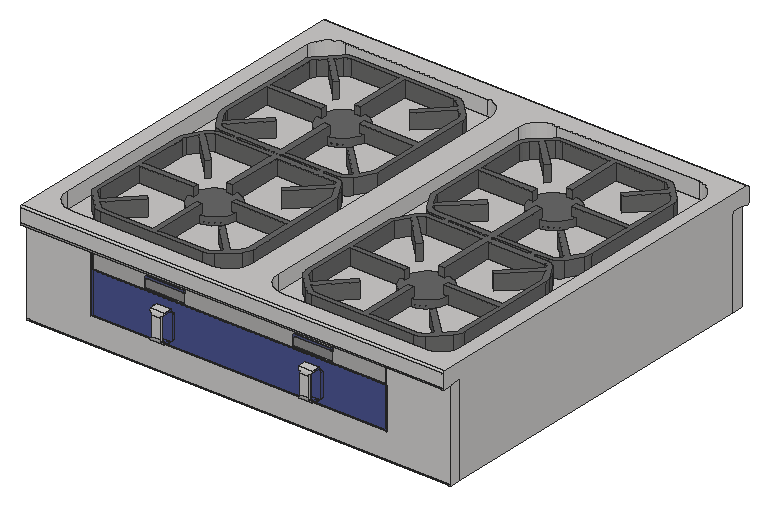
Revit family "QF_ELECTROLUXPROFESSIONAL_589073_MCGHACJOPO", category Specialty Equipment, Revit 2018
Family settings
  Round Connector Dimension = Use Diameter
  Part Type = Normal
  Work Plane-Based = No
  Always vertical = Yes
  Cut with Voids When Loaded = No
  Shared = No
  Room Calculation Point = No
Parameters
  Weight in Pounds = 180.77
  Watts = 0 W
  URL Cutsheet = ""
  Type Mark [instance] = ""
  Status [instance] = ""
  Specification by User [instance] = ""
  Specification by Manufacturer = ""
  Serial Number = ""
  Seismic Rating = ""
  SMACNA No = ""
  Revision Code [instance] = ""
  Omniclass Number and Title = ""
  NAFEM Spec ID Number = ""
  Model = "589073"
  Mechanical Remarks [instance] = ""
  Mechanical Connection Type [instance] = ""
  Masterspec = ""
  Manufacturer = "ELECTROLUX"
  Item Number [instance] = ""
  Installed By [instance] = ""
  Identify Quantity as Lot [instance] = yes
  HP = "0 HP"
  Gas Size = 1/2"
  Gas RI Height [instance] = 0 mm
  Gas KW = 40
  Gas Input = 136360.0 Btu/h
  Gas Connection Height [instance] = 0 mm
  Furnished By [instance] = ""
  Foodservice Equipment Identifier [instance] = yes
  Direct Waste Size = 0"
  Description = "GAS TOP,4 BURNERS,2-SIDES,1000X900X250H"
  CSI MasterFormat = ""
  CSI Master Format = ""
Reference planes
  plane 1 "BACK": y = 0
  plane 2: z = 0
  plane 3 "LEFT": x = 0
  plane 4 "RIGHT": x = 1000
  plane 5 "FRONT": y = -900
  plane 6 "TOP": z = 250
  plane 7: x = 500
  plane 8: y = -450
  plane 9: x = 965
  plane 10: y = -60.425
Forms (mm)
  Extrusion 1, solid, material "QF_Finishes_Stainless Steel"
    sketch origin (0, -487.128, 0) x (0, 1, 0) y (0, 0, 1)
      loop
        line (483.128, 250) -> (-408.872, 250)
        arc (-408.872, 250) -> (-411.7, 248.828) -> (-412.872, 246) r 4
        line (-412.872, 246) -> (-412.872, 214)
        arc (-412.872, 214) -> (-411.437, 210.931) -> (-408.161, 210.064) r 4
        line (-408.161, 210.064) -> (-392.872, 213) -> (-367.872, 213) -> (-367.872, 0) -> (442.128, 0) -> (442.128, 213) -> (465.765, 213) -> (482.433, 210.061)
        arc (482.433, 210.061) -> (485.699, 210.936) -> (487.128, 214) r 4
        line (487.128, 214) -> (487.128, 246)
        arc (487.128, 246) -> (485.956, 248.828) -> (483.128, 250) r 4
    from 0 to 1000
  Extrusion 2, void
    sketch origin (653.786, 44.048, 250) x (1, 0, 0) y (0, -1, 0)
      loop
        line (-570.234, 89.462) -> (-234.333, 89.462)
        arc (-234.333, 89.462) -> (-199.707, 103.805) -> (-185.364, 138.432) r 48.97
        line (-185.364, 138.432) -> (-185.364, 850.078)
        arc (-185.364, 850.078) -> (-199.707, 884.705) -> (-234.333, 899.048) r 48.97
        line (-234.333, 899.048) -> (-570.234, 899.048)
        arc (-570.234, 899.048) -> (-605.59, 884.403) -> (-620.234, 849.048) r 50
        line (-620.234, 849.048) -> (-620.234, 139.462)
        arc (-620.234, 139.462) -> (-605.59, 104.107) -> (-570.234, 89.462) r 50
      loop
        line (264.679, 899.048) -> (-71.222, 899.048)
        arc (-71.222, 899.048) -> (-106.577, 884.403) -> (-121.222, 849.048) r 50
        line (-121.222, 849.048) -> (-121.222, 139.462)
        arc (-121.222, 139.462) -> (-106.577, 104.107) -> (-71.222, 89.462) r 50
        line (-71.222, 89.462) -> (264.679, 89.462)
        arc (264.679, 89.462) -> (299.306, 103.805) -> (313.649, 138.432) r 48.97
        line (313.649, 138.432) -> (313.649, 850.078)
        arc (313.649, 850.078) -> (299.306, 884.705) -> (264.679, 899.048) r 48.97
    from 0 to 37
  Extrusion 3, solid, material "QF_Finishes_Stainless Steel"
    sketch origin (10, -759, 0) x (1, 0, 0) y (0, -1, 0)
      loop
        circle (955, -169) r 6.35
    from 0 to 3.2
Cuts and joins
  Extrusion 2 cuts Extrusion 1
Lines and regions (mm)
  symbolic lines
    curve 1: line (0, 0, 0) -> (1000, 0, 0)
    curve 2: line (0, -900, 0) -> (0, 0, 0)
    curve 3: line (1000, -900, 0) -> (0, -900, 0)
    curve 4: line (1000, 0, 0) -> (1000, -900, 0)
    curve 5: arc (83.552, -855, 0) -> (48.197, -840.355, 0) -> (33.552, -805, 0) r 50
    curve 6: line (33.552, -805, 0) -> (33.552, -95.414, 0)
    curve 7: arc (33.552, -95.414, 0) -> (48.197, -60.059, 0) -> (83.552, -45.414, 0) r 50
    curve 8: line (83.552, -45.414, 0) -> (417.592, -45.414, 0)
    curve 9: arc (918.465, -45.414, 0) -> (953.092, -59.757, 0) -> (967.435, -94.384, 0) r 48.97
    curve 10: line (967.435, -94.384, 0) -> (967.435, -806.03, 0)
    curve 11: arc (967.435, -806.03, 0) -> (953.092, -840.657, 0) -> (918.465, -855, 0) r 48.97
    curve 12: line (918.465, -855, 0) -> (582.408, -855, 0)
    curve 13: line (582.408, -45.414, 0) -> (918.465, -45.414, 0)
    curve 14: line (417.592, -855, 0) -> (83.552, -855, 0)
    curve 15: arc (582.408, -855, 0) -> (547.053, -840.355, 0) -> (532.408, -805, 0) r 50
    curve 16: line (532.408, -805, 0) -> (532.408, -95.414, 0)
    curve 17: arc (532.408, -95.414, 0) -> (547.053, -60.059, 0) -> (582.408, -45.414, 0) r 50
    curve 18: arc (417.592, -855, 0) -> (452.947, -840.355, 0) -> (467.592, -805, 0) r 50
    curve 19: line (467.592, -805, 0) -> (467.592, -95.414, 0)
    curve 20: arc (467.592, -95.414, 0) -> (452.947, -60.059, 0) -> (417.592, -45.414, 0) r 50
Dimensions and locks
  plane 3 "LEFT" to plane 4 "RIGHT" = 1000 mm
  plane 5 "FRONT" to plane 1 "BACK" = 900 mm
  equal spacing: plane 3 "LEFT", plane 7, plane 4 "RIGHT"
  equal spacing: plane 5 "FRONT", plane 8, plane 1 "BACK"
  plane 6 "TOP" to level = 250 mm  (x2)
  plane 1 "BACK" to plane 5 "FRONT" = 900 mm
  Extrusion 3 sketch curve to plane 1 "BACK" = 590 mm
  Extrusion 3 sketch curve to plane 4 "RIGHT" = 35 mm
  plane 1 "BACK" to Extrusion 3 = 590 mm
  plane 9 to plane 4 "RIGHT" = 35 mm
  aligned and locked: level to plane 2
  aligned and locked: Extrusion 1 to plane 4 "RIGHT"
Automatic sketch dimensions
  Extrusion 1 sketch curve to plane 5 "FRONT" = 0 mm
  Extrusion 1 sketch curve to plane 6 "TOP" = 0 mm
  Extrusion 1 sketch curve to level = 0 mm
  Extrusion 1 sketch curve to plane 1 "BACK" = 0 mm
  Extrusion 1 sketch curve to plane 6 "TOP" = 37 mm  (x2)
  Extrusion 1 sketch curve to plane 5 "FRONT" = 4 mm
  Extrusion 1 sketch curve to plane 5 "FRONT" = 20 mm
  Extrusion 1 sketch curve to plane 5 "FRONT" = 45 mm
  plane 1 "BACK" to Extrusion 1 sketch curve = 21.363 mm
  plane 1 "BACK" to Extrusion 1 sketch curve = 4 mm  (x2)
  Extrusion 1 sketch curve to Extrusion 1 sketch curve = 4 mm
  Extrusion 1 sketch curve to Extrusion 1 sketch curve = 0.711 mm
  plane 1 "BACK" to Extrusion 1 sketch curve = 4.695 mm
  Extrusion 1 sketch curve to Extrusion 1 sketch curve = 0 mm  (x2)
  Extrusion 1 sketch curve to Extrusion 1 sketch curve = 1 mm  (x2)
  plane 1 "BACK" to Extrusion 1 sketch curve = 45 mm
  plane 1 "BACK" to curve 1 = 0 mm
  curve 1 to plane 4 "RIGHT" = 0 mm
  curve 3 to plane 3 "LEFT" = 0 mm
  plane 5 "FRONT" to curve 3 = 0 mm
  curve 10 to plane 9 = 2.435 mm
  plane 10 to curve 13 = 15.012 mm
  plane 9 to curve 13 = 46.535 mm
  plane 9 to curve 12 = 46.535 mm
  plane 7 to curve 16 = 32.408 mm
  curve 19 to plane 7 = 32.408 mm
  plane 3 "LEFT" to curve 8 = 83.552 mm
  plane 3 "LEFT" to curve 14 = 83.552 mm
  plane 3 "LEFT" to curve 6 = 33.552 mm
  curve 15 to curve 16 = 50 mm
  curve 20 to plane 10 = 34.988 mm
  curve 18 to plane 5 "FRONT" = 45 mm
  curve 19 to curve 18 = 50 mm
  Extrusion 1 to Extrusion 2 sketch curve = 33.552 mm
  Extrusion 1 to Extrusion 2 sketch curve = 41 mm  (x2)
  Extrusion 2 sketch curve to Extrusion 2 sketch curve = 50 mm  (x4)
  Extrusion 1 to Extrusion 2 sketch curve = 41.414 mm
  Extrusion 2 sketch curve to Extrusion 2 sketch curve = 335.901 mm  (x2)
  Extrusion 2 sketch curve to Extrusion 2 sketch curve = 48.97 mm
  Extrusion 2 sketch curve to Extrusion 2 sketch curve = 64.142 mm
  Extrusion 1 to Extrusion 2 sketch curve = 81.535 mm  (x2)
  Extrusion 1 to Extrusion 2 sketch curve = 32.565 mm
  Extrusion 2 sketch curve to Extrusion 2 sketch curve = 1.03 mm
  curve 18 to curve 16 = 0 mm
  plane 10 to curve 8 = 15.012 mm
  curve 16 to plane 10 = 34.988 mm
  radius of Extrusion 3 sketch curve = 6.35 mm
Nested families
  nested 1: "OBT_900_Open Burner" at (250, -450.207, -649.319), type "OBT_900_Open Burner"
  nested 2: "OBT_900_Open Burner" at (750, -450.207, -649.319) x (-1, 0, 0) z (0, 0, 1), type "OBT_900_Open Burner"
  nested 3: "EG_900_1000_Double Range Control Handle Front & Back Panel" at (202.376, -855, -650), type "EG_900_1000_Double Range Control Handle Front & Back Panel"
  nested 4: "EG_900_1000_Double Range Control Handle Front & Back Panel" at (202.376, -45, -650), type "EG_900_1000_Double Range Control Handle Front & Back Panel"
Connectors
  piping at (965, -590, -3.2), diameter 12.8
    settings: on Extrusion 3, index 1, connector inside diameter 0.50394", connector length 0 mm, flow factor 0, pipe flow 0 GPM, pressure drop 0.00 psi, fitting loss kfactor 0, connector angle 0.00°, fixture units 0, engagement length 0 mm, angle of deflection 0.00°, flow configuration 1, flow direction 1, fitting loss method 0, system type 7, joint type 0, gender type 0, connector reference index -1, connector utility 0, adjustable connector no, is connector primary yes, connector description "GAS CONNECTION"
Definition of nested family "OBT_900_Open Burner"
  Reference planes
    plane 1 "Center (Front/Back)": y = 0
    plane 2: z = 0
    plane 3 "Center (Left/Right)": x = 0
    plane 4: x = -186.448
    plane 5: x = 187.435
    plane 6: y = 374.793
    plane 7: y = -374.793
    plane 8: y = -188.326
  Forms (mm)
    Extrusion 1, solid
      sketch origin (2130.573, 56.896, -679.622) x (1, 0, 0) y (0, 1, 0)
        loop
          line (-2137.44, 306.49) -> (-2250.793, 306.49)
          arc (-2250.793, 306.49) -> (-2257.908, 305.075) -> (-2263.94, 301.044) r 18.593
          line (-2263.94, 301.044) -> (-2276.233, 288.751) -> (-2213.48, 225.998) -> (-2221.6, 217.877) -> (-2284.354, 280.631) -> (-2300.33, 264.654)
          arc (-2300.33, 264.654) -> (-2304.433, 258.337) -> (-2305.614, 250.897) r 18.125
          line (-2305.614, 250.897) -> (-2305.614, 138.422) -> (-2175.79, 138.422) -> (-2175.79, 126.938) -> (-2305.614, 126.938) -> (-2305.614, 10.897)
          arc (-2305.614, 10.897) -> (-2304.981, 6.085) -> (-2303.123, 1.601) r 18.593
          line (-2303.123, 1.601) -> (-2290.078, -20.994) -> (-2221.6, 47.483) -> (-2213.48, 39.363) -> (-2284.012, -31.169)
          arc (-2284.012, -31.169) -> (-2278.546, -38.527) -> (-2270.23, -42.379) r 18.593
          line (-2270.23, -42.379) -> (-2137.44, -42.379) -> (-2137.44, 87.464) -> (-2123.707, 87.464) -> (-2123.707, -42.379) -> (-1989.813, -42.379)
          arc (-1989.813, -42.379) -> (-1981.496, -38.527) -> (-1976.031, -31.169) r 18.593
          line (-1976.031, -31.169) -> (-2047.115, 39.915) -> (-2038.994, 48.035) -> (-1969.962, -20.997) -> (-1954.428, 5.916) -> (-1954.428, 126.938) -> (-2085.357, 126.938) -> (-2085.357, 138.422) -> (-1954.428, 138.422) -> (-1954.428, 247.888)
          arc (-1954.428, 247.888) -> (-1956.538, 258.496) -> (-1962.547, 267.489) r 27.72
          line (-1962.547, 267.489) -> (-1975.689, 280.631) -> (-2038.994, 217.325) -> (-2047.115, 225.446) -> (-1983.809, 288.751) -> (-1996.102, 301.044)
          arc (-1996.102, 301.044) -> (-2002.134, 305.075) -> (-2009.25, 306.49) r 18.593
          line (-2009.25, 306.49) -> (-2123.707, 306.49) -> (-2123.707, 177.897) -> (-2137.44, 177.897) -> (-2137.44, 306.49)
        loop
          arc (-2317.021, 10.897) -> (-2315.999, 3.132) -> (-2313.002, -4.103) r 30
          line (-2313.002, -4.103) -> (-2292.795, -39.103)
          arc (-2292.795, -39.103) -> (-2281.814, -50.084) -> (-2266.814, -54.103) r 30
          line (-2266.814, -54.103) -> (-2239.287, -54.103)
          arc (-2239.287, -54.103) -> (-2238.243, -56) -> (-2236.272, -56.896) r 3.438
          arc (-2236.272, -56.896) -> (-2238.243, -57.792) -> (-2239.287, -59.689) r 3.438
          line (-2239.287, -59.689) -> (-2266.814, -59.689)
          arc (-2266.814, -59.689) -> (-2281.814, -63.708) -> (-2292.795, -74.689) r 30
          line (-2292.795, -74.689) -> (-2313.002, -109.689)
          arc (-2313.002, -109.689) -> (-2315.999, -116.924) -> (-2317.021, -124.689) r 30
          line (-2317.021, -124.689) -> (-2317.021, -365.461)
          arc (-2317.021, -365.461) -> (-2314.738, -376.941) -> (-2308.234, -386.674) r 30
          line (-2308.234, -386.674) -> (-2271.975, -422.933)
          arc (-2271.975, -422.933) -> (-2262.253, -429.414) -> (-2250.793, -431.689) r 30
          line (-2250.793, -431.689) -> (-2009.25, -431.689)
          arc (-2009.25, -431.689) -> (-1997.786, -429.412) -> (-1988.062, -422.928) r 30
          line (-1988.062, -422.928) -> (-1951.808, -386.674)
          arc (-1951.808, -386.674) -> (-1945.305, -376.941) -> (-1942.982, -365.461) r 30
          line (-1942.982, -365.461) -> (-1942.982, -116.719) -> (-1967.248, -74.689)
          arc (-1967.248, -74.689) -> (-1978.229, -63.708) -> (-1993.229, -59.689) r 30
          line (-1993.229, -59.689) -> (-2020.319, -59.689)
          arc (-2020.319, -59.689) -> (-2021.979, -57.759) -> (-2024.375, -56.896) r 5
          arc (-2024.375, -56.896) -> (-2021.979, -56.033) -> (-2020.319, -54.103) r 5
          line (-2020.319, -54.103) -> (-1993.229, -54.103)
          arc (-1993.229, -54.103) -> (-1978.229, -50.084) -> (-1967.248, -39.103) r 30
          line (-1967.248, -39.103) -> (-1943.138, 2.656) -> (-1943.138, 254.314)
          arc (-1943.138, 254.314) -> (-1945.839, 264.361) -> (-1951.808, 272.882) r 30
          line (-1951.808, 272.882) -> (-1988.062, 309.136)
          arc (-1988.062, 309.136) -> (-1997.786, 315.62) -> (-2009.25, 317.897) r 30
          line (-2009.25, 317.897) -> (-2250.793, 317.897)
          arc (-2250.793, 317.897) -> (-2262.253, 315.622) -> (-2271.975, 309.141) r 30
          line (-2271.975, 309.141) -> (-2308.234, 272.882)
          arc (-2308.234, 272.882) -> (-2314.738, 263.149) -> (-2317.021, 251.669) r 30
          line (-2317.021, 251.669) -> (-2317.021, 10.897)
        loop
          arc (-2122.397, -54.103) -> (-2124.057, -56.033) -> (-2126.452, -56.896) r 5
          arc (-2126.452, -56.896) -> (-2124.057, -57.759) -> (-2122.397, -59.689) r 5
          line (-2122.397, -59.689) -> (-2035.829, -59.689)
          arc (-2035.829, -59.689) -> (-2034.784, -57.792) -> (-2032.813, -56.896) r 3.438
          arc (-2032.813, -56.896) -> (-2034.784, -56) -> (-2035.829, -54.103) r 3.438
          line (-2035.829, -54.103) -> (-2122.397, -54.103)
        loop
          arc (-2223.778, -54.103) -> (-2225.438, -56.033) -> (-2227.833, -56.896) r 5
          arc (-2227.833, -56.896) -> (-2225.438, -57.759) -> (-2223.778, -59.689) r 5
          line (-2223.778, -59.689) -> (-2137.906, -59.689)
          arc (-2137.906, -59.689) -> (-2136.862, -57.792) -> (-2134.891, -56.896) r 3.438
          arc (-2134.891, -56.896) -> (-2136.862, -56) -> (-2137.906, -54.103) r 3.438
          line (-2137.906, -54.103) -> (-2223.778, -54.103)
        loop
          line (-2137.44, -420.282) -> (-2137.44, -290.439) -> (-2123.707, -290.439) -> (-2123.707, -420.282) -> (-2009.25, -420.282)
          arc (-2009.25, -420.282) -> (-2002.134, -418.867) -> (-1996.102, -414.836) r 18.593
          line (-1996.102, -414.836) -> (-1983.184, -401.918) -> (-2047.115, -337.988) -> (-2038.994, -329.867) -> (-1975.064, -393.798) -> (-1962.547, -381.281)
          arc (-1962.547, -381.281) -> (-1956.538, -372.288) -> (-1954.428, -361.68) r 27.72
          line (-1954.428, -361.68) -> (-1954.428, -250.964) -> (-2085.357, -250.964) -> (-2085.357, -239.48) -> (-1954.428, -239.48) -> (-1954.428, -119.708) -> (-1970.42, -92.003) -> (-2038.994, -160.577) -> (-2047.115, -152.457) -> (-1976.413, -81.755)
          arc (-1976.413, -81.755) -> (-1981.868, -74.971) -> (-1989.813, -71.413) r 18.593
          line (-1989.813, -71.413) -> (-2123.707, -71.413) -> (-2123.707, -200.006) -> (-2137.44, -200.006) -> (-2137.44, -71.413) -> (-2270.23, -71.413)
          arc (-2270.23, -71.413) -> (-2278.175, -74.971) -> (-2283.629, -81.755) r 18.593
          line (-2283.629, -81.755) -> (-2213.48, -151.905) -> (-2221.6, -160.025) -> (-2289.62, -92.005) -> (-2303.123, -115.393)
          arc (-2303.123, -115.393) -> (-2304.981, -119.877) -> (-2305.614, -124.689) r 18.593
          line (-2305.614, -124.689) -> (-2305.614, -239.48) -> (-2175.79, -239.48) -> (-2175.79, -250.964) -> (-2305.614, -250.964) -> (-2305.614, -364.689)
          arc (-2305.614, -364.689) -> (-2304.433, -372.129) -> (-2300.33, -378.446) r 18.125
          line (-2300.33, -378.446) -> (-2284.979, -393.798) -> (-2221.6, -330.419) -> (-2213.48, -338.54) -> (-2276.858, -401.918) -> (-2263.94, -414.836)
          arc (-2263.94, -414.836) -> (-2257.908, -418.867) -> (-2250.793, -420.282) r 18.593
          line (-2250.793, -420.282) -> (-2137.44, -420.282)
      from 1542.072 to 1578.941
    Extrusion 2, solid
      sketch origin (2130.573, 61.122, 0) x (1, 0, 0) y (0, 1, 0)
        loop
          circle (-2130.573, -249.448) r 55
        loop
          circle (-2130.573, 128.455) r 55
      from 862.45 to 879.837
    Extrusion 3, void
      sketch origin (-124.371, -355.785, -22.784) x (-0.587785, -0.809017, 0) y (0, 0, 1)
        loop
          circle (-213.495, 891.283) r 1
      from -67.69 to -35.114
    Extrusion 4, void
      sketch origin (-89.903, -376.417, -22.784) x (-0.422618, -0.906308, 0) y (0, 0, 1)
        loop
          circle (-213.495, 891.283) r 1
      from -74.826 to -35.114
    Extrusion 5, void
      sketch origin (-52.131, -390.093, -22.784) x (-0.241922, -0.970296, 0) y (0, 0, 1)
        loop
          circle (-213.495, 891.283) r 1
      from -67.69 to -35.114
    Extrusion 6, void
      sketch origin (27.702, -394.842, -22.784) x (0.139173, -0.990268, 0) y (0, 0, 1)
        loop
          circle (-213.495, 891.283) r 1
      from -67.69 to -35.114
    Extrusion 7, void
      sketch origin (66.829, -385.74, -22.784) x (0.325568, -0.945519, 0) y (0, 0, 1)
        loop
          circle (-213.495, 891.283) r 1
      from -67.69 to -35.114
    Extrusion 8, void
      sketch origin (103.5, -369.339, -22.784) x (0.5, -0.866025, 0) y (0, 0, 1)
        loop
          circle (-213.495, 891.283) r 1
      from -67.69 to -35.114
    Extrusion 9, void
      sketch origin (136.368, -346.242, -22.784) x (0.656059, -0.75471, 0) y (0, 0, 1)
        loop
          circle (-213.495, 891.283) r 1
      from -67.69 to -35.114
    Extrusion 10, void
      sketch origin (164.225, -317.298, -22.784) x (0.788011, -0.615661, 0) y (0, 0, 1)
        loop
          circle (-213.495, 891.283) r 1
      from -67.69 to -35.114
    Extrusion 11, void
      sketch origin (186.048, -283.571, -22.784) x (0.891007, -0.45399, 0) y (0, 0, 1)
        loop
          circle (-213.495, 891.283) r 1
      from -67.69 to -35.114
    Extrusion 12, void
      sketch origin (201.034, -246.299, -22.784) x (0.961262, -0.275637, 0) y (0, 0, 1)
        loop
          circle (-213.495, 891.283) r 1
      from -67.69 to -35.114
    Extrusion 13, void
      sketch origin (208.566, -166.681, -22.784) x (0.994522, 0.104528, 0) y (0, 0, 1)
        loop
          circle (-213.495, 891.283) r 1
      from -67.69 to -35.114
    Extrusion 14, void
      sketch origin (200.835, -127.26, -22.784) x (0.956305, 0.292372, 0) y (0, 0, 1)
        loop
          circle (-213.495, 891.283) r 1
      from -67.69 to -35.114
    Extrusion 15, void
      sketch origin (185.724, -90.039, -22.784) x (0.882948, 0.469472, 0) y (0, 0, 1)
        loop
          circle (-213.495, 891.283) r 1
      from -67.69 to -35.114
    Extrusion 16, void
      sketch origin (163.788, -56.385, -22.784) x (0.777146, 0.62932, 0) y (0, 0, 1)
        loop
          circle (-213.495, 891.283) r 1
      from -67.69 to -35.114
    Extrusion 17, void
      sketch origin (135.834, -27.534, -22.784) x (0.642788, 0.766044, 0) y (0, 0, 1)
        loop
          circle (-213.495, 891.283) r 1
      from -67.69 to -35.114
    Extrusion 18, void
      sketch origin (102.889, -4.548, -22.784) x (0.48481, 0.87462, 0) y (0, 0, 1)
        loop
          circle (-213.495, 891.283) r 1
      from -67.69 to -35.114
    Extrusion 19, void
      sketch origin (66.163, 11.73, -22.784) x (0.309017, 0.951057, 0) y (0, 0, 1)
        loop
          circle (-213.495, 891.283) r 1
      from -67.69 to -35.114
    Extrusion 20, void
      sketch origin (-52.811, 15.685, -22.784) x (-0.258819, 0.965926, 0) y (0, 0, 1)
        loop
          circle (-213.495, 891.283) r 1
      from -67.69 to -35.114
    Extrusion 21, void
      sketch origin (-90.537, 1.882, -22.784) x (-0.438371, 0.898794, 0) y (0, 0, 1)
        loop
          circle (-213.495, 891.283) r 1
      from -67.69 to -35.114
    Extrusion 22, void
      sketch origin (-124.936, -18.865, -22.784) x (-0.601815, 0.798636, 0) y (0, 0, 1)
        loop
          circle (-213.495, 891.283) r 1
      from -67.69 to -35.114
    Extrusion 23, void
      sketch origin (-154.744, -45.796, -22.784) x (-0.743145, 0.669131, 0) y (0, 0, 1)
        loop
          circle (-213.495, 891.283) r 1
      from -67.69 to -35.114
    Extrusion 24, void
      sketch origin (-178.866, -77.919, -22.784) x (-0.857167, 0.515038, 0) y (0, 0, 1)
        loop
          circle (-213.495, 891.283) r 1
      from -67.69 to -35.114
    Extrusion 25, void
      sketch origin (-196.416, -114.054, -22.784) x (-0.939693, 0.34202, 0) y (0, 0, 1)
        loop
          circle (-213.495, 891.283) r 1
      from -67.69 to -35.114
    Extrusion 26, void
      sketch origin (-204.521, -232.817, -22.784) x (-0.97437, -0.224951, 0) y (0, 0, 1)
        loop
          circle (-213.495, 891.283) r 1
      from -67.69 to -35.114
    Extrusion 27, void
      sketch origin (-192.043, -271.002, -22.784) x (-0.913545, -0.406737, 0) y (0, 0, 1)
        loop
          circle (-213.495, 891.283) r 1
      from -67.69 to -35.114
    Extrusion 28, void
      sketch origin (-172.509, -306.104, -22.784) x (-0.819152, -0.573576, 0) y (0, 0, 1)
        loop
          circle (-213.495, 891.283) r 1
      from -67.69 to -35.114
    Extrusion 29, void
      sketch origin (-146.635, -336.834, -22.784) x (-0.694658, -0.71934, 0) y (0, 0, 1)
        loop
          circle (-213.495, 891.283) r 1
      from -67.69 to -35.114
    Extrusion 30, void
      sketch origin (-124.371, 22.118, -22.784) x (-0.587785, -0.809017, 0) y (0, 0, 1)
        loop
          circle (-213.495, 891.283) r 1
      from -67.69 to -35.114
    Extrusion 31, void
      sketch origin (-89.903, 1.485, -22.784) x (-0.422618, -0.906308, 0) y (0, 0, 1)
        loop
          circle (-213.495, 891.283) r 1
      from -74.826 to -35.114
    Extrusion 32, void
      sketch origin (-52.131, -12.191, -22.784) x (-0.241922, -0.970296, 0) y (0, 0, 1)
        loop
          circle (-213.495, 891.283) r 1
      from -67.69 to -35.114
    Extrusion 33, void
      sketch origin (27.702, -16.939, -22.784) x (0.139173, -0.990268, 0) y (0, 0, 1)
        loop
          circle (-213.495, 891.283) r 1
      from -67.69 to -35.114
    Extrusion 34, void
      sketch origin (66.829, -7.837, -22.784) x (0.325568, -0.945519, 0) y (0, 0, 1)
        loop
          circle (-213.495, 891.283) r 1
      from -67.69 to -35.114
    Extrusion 35, void
      sketch origin (103.5, 8.564, -22.784) x (0.5, -0.866025, 0) y (0, 0, 1)
        loop
          circle (-213.495, 891.283) r 1
      from -67.69 to -35.114
    Extrusion 36, void
      sketch origin (136.368, 31.66, -22.784) x (0.656059, -0.75471, 0) y (0, 0, 1)
        loop
          circle (-213.495, 891.283) r 1
      from -67.69 to -35.114
    Extrusion 37, void
      sketch origin (164.225, 60.604, -22.784) x (0.788011, -0.615661, 0) y (0, 0, 1)
        loop
          circle (-213.495, 891.283) r 1
      from -67.69 to -35.114
    Extrusion 38, void
      sketch origin (186.048, 94.332, -22.784) x (0.891007, -0.45399, 0) y (0, 0, 1)
        loop
          circle (-213.495, 891.283) r 1
      from -67.69 to -35.114
    Extrusion 39, void
      sketch origin (201.034, 131.603, -22.784) x (0.961262, -0.275637, 0) y (0, 0, 1)
        loop
          circle (-213.495, 891.283) r 1
      from -67.69 to -35.114
    Extrusion 40, void
      sketch origin (208.566, 211.222, -22.784) x (0.994522, 0.104528, 0) y (0, 0, 1)
        loop
          circle (-213.495, 891.283) r 1
      from -67.69 to -35.114
    Extrusion 41, void
      sketch origin (200.835, 250.642, -22.784) x (0.956305, 0.292372, 0) y (0, 0, 1)
        loop
          circle (-213.495, 891.283) r 1
      from -67.69 to -35.114
    Extrusion 42, void
      sketch origin (185.724, 287.864, -22.784) x (0.882948, 0.469472, 0) y (0, 0, 1)
        loop
          circle (-213.495, 891.283) r 1
      from -67.69 to -35.114
    Extrusion 43, void
      sketch origin (163.788, 321.518, -22.784) x (0.777146, 0.62932, 0) y (0, 0, 1)
        loop
          circle (-213.495, 891.283) r 1
      from -67.69 to -35.114
    Extrusion 44, void
      sketch origin (135.834, 350.368, -22.784) x (0.642788, 0.766044, 0) y (0, 0, 1)
        loop
          circle (-213.495, 891.283) r 1
      from -67.69 to -35.114
    Extrusion 45, void
      sketch origin (102.889, 373.355, -22.784) x (0.48481, 0.87462, 0) y (0, 0, 1)
        loop
          circle (-213.495, 891.283) r 1
      from -67.69 to -35.114
    Extrusion 46, void
      sketch origin (66.163, 389.633, -22.784) x (0.309017, 0.951057, 0) y (0, 0, 1)
        loop
          circle (-213.495, 891.283) r 1
      from -67.69 to -35.114
    Extrusion 47, void
      sketch origin (-52.811, 393.588, -22.784) x (-0.258819, 0.965926, 0) y (0, 0, 1)
        loop
          circle (-213.495, 891.283) r 1
      from -67.69 to -35.114
    Extrusion 48, void
      sketch origin (-90.537, 379.785, -22.784) x (-0.438371, 0.898794, 0) y (0, 0, 1)
        loop
          circle (-213.495, 891.283) r 1
      from -67.69 to -35.114
    Extrusion 49, void
      sketch origin (-124.936, 359.037, -22.784) x (-0.601815, 0.798636, 0) y (0, 0, 1)
        loop
          circle (-213.495, 891.283) r 1
      from -67.69 to -35.114
    Extrusion 50, void
      sketch origin (-154.744, 332.107, -22.784) x (-0.743145, 0.669131, 0) y (0, 0, 1)
        loop
          circle (-213.495, 891.283) r 1
      from -67.69 to -35.114
    Extrusion 51, void
      sketch origin (-178.866, 299.984, -22.784) x (-0.857167, 0.515038, 0) y (0, 0, 1)
        loop
          circle (-213.495, 891.283) r 1
      from -67.69 to -35.114
    Extrusion 52, void
      sketch origin (-196.416, 263.848, -22.784) x (-0.939693, 0.34202, 0) y (0, 0, 1)
        loop
          circle (-213.495, 891.283) r 1
      from -67.69 to -35.114
    Extrusion 53, void
      sketch origin (-204.521, 145.086, -22.784) x (-0.97437, -0.224951, 0) y (0, 0, 1)
        loop
          circle (-213.495, 891.283) r 1
      from -67.69 to -35.114
    Extrusion 54, void
      sketch origin (-192.043, 106.901, -22.784) x (-0.913545, -0.406737, 0) y (0, 0, 1)
        loop
          circle (-213.495, 891.283) r 1
      from -67.69 to -35.114
    Extrusion 55, void
      sketch origin (-172.509, 71.798, -22.784) x (-0.819152, -0.573576, 0) y (0, 0, 1)
        loop
          circle (-213.495, 891.283) r 1
      from -67.69 to -35.114
    Extrusion 56, void
      sketch origin (-146.635, 41.068, -22.784) x (-0.694658, -0.71934, 0) y (0, 0, 1)
        loop
          circle (-213.495, 891.283) r 1
      from -67.69 to -35.114
  Cuts and joins
    Extrusion 3, Extrusion 4, Extrusion 5, Extrusion 6, Extrusion 7, Extrusion 8, Extrusion 9, Extrusion 10, Extrusion 11, Extrusion 12, Extrusion 13, Extrusion 14, Extrusion 15, Extrusion 16, Extrusion 17, Extrusion 18, Extrusion 19, Extrusion 20, Extrusion 21, Extrusion 22, Extrusion 23, Extrusion 24, Extrusion 25, Extrusion 26, Extrusion 27, Extrusion 28, Extrusion 29, Extrusion 30, Extrusion 31, Extrusion 32, Extrusion 33, Extrusion 34, Extrusion 35, Extrusion 36, Extrusion 37, Extrusion 38, Extrusion 39, Extrusion 40, Extrusion 41, Extrusion 42, Extrusion 43, Extrusion 44, Extrusion 45, Extrusion 46, Extrusion 47, Extrusion 48, Extrusion 49, Extrusion 50, Extrusion 51, Extrusion 52, Extrusion 53, Extrusion 54, Extrusion 55, Extrusion 56 cuts Extrusion 2
    Extrusion 32 cuts Extrusion 1
  Lines and regions (mm)
    symbolic lines
      curve 1: arc (54.699, -182.584, 0) -> (39.289, -149.838, 0) -> (6.867, -133.757, 0) r 55
      curve 2: arc (-54.699, -194.068, 0) -> (-39.289, -226.815, 0) -> (-6.867, -242.896, 0) r 55
      curve 3: line (45.217, -194.068, 0) -> (176.145, -194.068, 0)
      curve 4: line (176.145, -194.068, 0) -> (176.145, -304.784, 0)
      curve 5: arc (176.145, -304.784, 0) -> (174.035, -315.392, 0) -> (168.026, -324.385, 0) r 27.72
      curve 6: line (168.026, -324.385, 0) -> (155.51, -336.902, 0)
      curve 7: line (155.51, -336.902, 0) -> (91.579, -272.971, 0)
      curve 8: line (83.459, -281.092, 0) -> (147.389, -345.022, 0)
      curve 9: line (147.389, -345.022, 0) -> (134.471, -357.94, 0)
      curve 10: arc (134.471, -357.94, 0) -> (128.439, -361.971, 0) -> (121.324, -363.386, 0) r 18.593
      curve 11: line (121.324, -363.386, 0) -> (6.867, -363.386, 0)
      curve 12: line (6.867, -363.386, 0) -> (6.867, -233.543, 0)
      curve 13: line (-6.867, -233.543, 0) -> (-6.867, -363.386, 0)
      curve 14: line (-6.867, -363.386, 0) -> (-120.219, -363.386, 0)
      curve 15: arc (-120.219, -363.386, 0) -> (-127.335, -361.971, 0) -> (-133.367, -357.94, 0) r 18.593
      curve 16: line (-133.367, -357.94, 0) -> (-146.285, -345.022, 0)
      curve 17: line (-146.285, -345.022, 0) -> (-82.906, -281.644, 0)
      curve 18: line (-91.027, -273.523, 0) -> (-154.405, -336.902, 0)
      curve 19: line (-154.405, -336.902, 0) -> (-169.757, -321.55, 0)
      curve 20: arc (-169.757, -321.55, 0) -> (-173.86, -315.233, 0) -> (-175.041, -307.793, 0) r 18.125
      curve 21: line (-175.041, -307.793, 0) -> (-175.041, -194.068, 0)
      curve 22: line (-175.041, -194.068, 0) -> (-45.217, -194.068, 0)
      curve 23: line (-45.217, -182.584, 0) -> (-175.041, -182.584, 0)
      curve 24: line (-175.041, -182.584, 0) -> (-175.041, -67.793, 0)
      curve 25: arc (-175.041, -67.793, 0) -> (-174.407, -62.981, 0) -> (-172.55, -58.497, 0) r 18.593
      curve 26: line (-172.55, -58.497, 0) -> (-159.047, -35.109, 0)
      curve 27: line (-159.047, -35.109, 0) -> (-91.027, -103.129, 0)
      curve 28: line (-82.906, -95.009, 0) -> (-153.056, -24.859, 0)
      curve 29: arc (-153.056, -24.859, 0) -> (-147.601, -18.075, 0) -> (-139.656, -14.517, 0) r 18.593
      curve 30: line (-139.656, -14.517, 0) -> (-6.867, -14.517, 0)
      curve 31: line (-6.867, -14.517, 0) -> (-6.867, -143.11, 0)
      curve 32: line (6.867, -143.11, 0) -> (6.867, -14.517, 0)
      curve 33: line (6.867, -14.517, 0) -> (140.761, -14.517, 0)
      curve 34: arc (140.761, -14.517, 0) -> (148.706, -18.075, 0) -> (154.16, -24.859, 0) r 18.593
      curve 35: line (154.16, -24.859, 0) -> (83.459, -95.561, 0)
      curve 36: line (91.579, -103.681, 0) -> (160.154, -35.107, 0)
      curve 37: line (160.154, -35.107, 0) -> (176.145, -62.812, 0)
      curve 38: line (176.145, -62.812, 0) -> (176.145, -182.584, 0)
      curve 39: line (176.145, -182.584, 0) -> (45.217, -182.584, 0)
      curve 40: line (187.592, -59.823, 0) -> (163.326, -17.793, 0)
      curve 41: arc (163.326, -17.793, 0) -> (152.345, -6.812, 0) -> (137.345, -2.793, 0) r 30
      curve 42: line (137.345, -2.793, 0) -> (110.254, -2.793, 0)
      curve 43: arc (110.254, -2.793, 0) -> (108.594, -0.863, 0) -> (106.199, 0, 0) r 5
      curve 44: arc (106.199, 0, 0) -> (108.594, 0.863, 0) -> (110.254, 2.793, 0) r 5
      curve 45: line (110.254, 2.793, 0) -> (137.345, 2.793, 0)
      curve 46: arc (137.345, 2.793, 0) -> (152.345, 6.812, 0) -> (163.326, 17.793, 0) r 30
      curve 47: line (163.326, 17.793, 0) -> (187.435, 59.552, 0)
      curve 48: line (187.435, 59.552, 0) -> (187.435, 311.21, 0)
      curve 49: arc (187.435, 311.21, 0) -> (184.735, 321.257, 0) -> (178.765, 329.778, 0) r 30
      curve 50: line (178.765, 329.778, 0) -> (142.511, 366.032, 0)
      curve 51: arc (142.511, 366.032, 0) -> (132.788, 372.516, 0) -> (121.324, 374.793, 0) r 30
      curve 52: line (121.324, 374.793, 0) -> (-120.219, 374.793, 0)
      curve 53: arc (-120.219, 374.793, 0) -> (-131.68, 372.518, 0) -> (-141.401, 366.037, 0) r 30
      curve 54: line (-141.401, 366.037, 0) -> (-177.661, 329.778, 0)
      curve 55: arc (-177.661, 329.778, 0) -> (-184.164, 320.045, 0) -> (-186.448, 308.565, 0) r 30
      curve 56: line (-186.448, 308.565, 0) -> (-186.448, 67.793, 0)
      curve 57: arc (-186.448, 67.793, 0) -> (-185.426, 60.028, 0) -> (-182.429, 52.793, 0) r 30
      curve 58: line (-182.429, 52.793, 0) -> (-162.221, 17.793, 0)
      curve 59: arc (-162.221, 17.793, 0) -> (-151.241, 6.812, 0) -> (-136.241, 2.793, 0) r 30
      curve 60: line (-136.241, 2.793, 0) -> (-108.714, 2.793, 0)
      curve 61: arc (-108.714, 2.793, 0) -> (-107.669, 0.896, 0) -> (-105.698, 0, 0) r 3.438
      curve 62: arc (-105.698, 0, 0) -> (-107.669, -0.896, 0) -> (-108.714, -2.793, 0) r 3.438
      curve 63: line (-108.714, -2.793, 0) -> (-136.241, -2.793, 0)
      curve 64: arc (-136.241, -2.793, 0) -> (-151.241, -6.812, 0) -> (-162.221, -17.793, 0) r 30
      curve 65: line (-162.221, -17.793, 0) -> (-182.429, -52.793, 0)
      curve 66: arc (-182.429, -52.793, 0) -> (-185.426, -60.028, 0) -> (-186.448, -67.793, 0) r 30
      curve 67: line (-186.448, -67.793, 0) -> (-186.448, -308.565, 0)
      curve 68: arc (-186.448, -308.565, 0) -> (-184.164, -320.045, 0) -> (-177.661, -329.778, 0) r 30
      curve 69: line (-177.661, -329.778, 0) -> (-141.401, -366.037, 0)
      curve 70: arc (-141.401, -366.037, 0) -> (-131.68, -372.518, 0) -> (-120.219, -374.793, 0) r 30
      curve 71: line (-120.219, -374.793, 0) -> (121.324, -374.793, 0)
      curve 72: arc (121.324, -374.793, 0) -> (132.788, -372.516, 0) -> (142.511, -366.032, 0) r 30
      curve 73: line (142.511, -366.032, 0) -> (178.765, -329.778, 0)
      curve 74: arc (178.765, -329.778, 0) -> (185.269, -320.045, 0) -> (187.552, -308.565, 0) r 30
      curve 75: line (187.592, -308.565, 0) -> (187.592, -59.823, 0)
      curve 76: line (94.745, -2.793, 0) -> (8.177, -2.793, 0)
      curve 77: arc (8.177, -2.793, 0) -> (6.517, -0.863, 0) -> (4.121, 0, 0) r 5
      curve 78: arc (4.121, 0, 0) -> (6.517, 0.863, 0) -> (8.177, 2.793, 0) r 5
      curve 79: line (8.177, 2.793, 0) -> (94.745, 2.793, 0)
      curve 80: arc (94.745, 2.793, 0) -> (95.789, 0.896, 0) -> (97.76, 0, 0) r 3.438
      curve 81: arc (97.76, 0, 0) -> (95.789, -0.896, 0) -> (94.745, -2.793, 0) r 3.438
      curve 82: line (-7.333, -2.793, 0) -> (-93.204, -2.793, 0)
      curve 83: arc (-93.204, -2.793, 0) -> (-94.864, -0.863, 0) -> (-97.26, 0, 0) r 5
      curve 84: arc (-97.26, 0, 0) -> (-94.864, 0.863, 0) -> (-93.204, 2.793, 0) r 5
      curve 85: line (-93.204, 2.793, 0) -> (-7.333, 2.793, 0)
      curve 86: arc (-7.333, 2.793, 0) -> (-6.288, 0.896, 0) -> (-4.317, 0, 0) r 3.438
      curve 87: arc (-4.317, 0, 0) -> (-6.288, -0.896, 0) -> (-7.333, -2.793, 0) r 3.438
      curve 88: line (-6.867, 14.517, 0) -> (-139.656, 14.517, 0)
      curve 89: arc (-139.656, 14.517, 0) -> (-147.973, 18.369, 0) -> (-153.438, 25.727, 0) r 18.593
      curve 90: line (-153.438, 25.727, 0) -> (-82.906, 96.259, 0)
      curve 91: line (-91.027, 104.379, 0) -> (-159.504, 35.902, 0)
      curve 92: line (-159.504, 35.902, 0) -> (-172.55, 58.497, 0)
      curve 93: arc (-172.55, 58.497, 0) -> (-174.407, 62.981, 0) -> (-175.041, 67.793, 0) r 18.593
      curve 94: line (-175.041, 67.793, 0) -> (-175.041, 183.834, 0)
      curve 95: line (-175.041, 183.834, 0) -> (-45.217, 183.834, 0)
      curve 96: line (-45.217, 195.318, 0) -> (-175.041, 195.318, 0)
      curve 97: line (-175.041, 195.318, 0) -> (-175.041, 307.793, 0)
      curve 98: arc (-175.041, 307.793, 0) -> (-173.86, 315.233, 0) -> (-169.757, 321.55, 0) r 18.125
      curve 99: line (-169.757, 321.55, 0) -> (-153.78, 337.527, 0)
      curve 100: line (-153.78, 337.527, 0) -> (-91.027, 274.773, 0)
      curve 101: line (-91.027, 274.773, 0) -> (-82.906, 282.894, 0)
      curve 102: line (-82.906, 282.894, 0) -> (-145.66, 345.647, 0)
      curve 103: line (-145.66, 345.647, 0) -> (-133.367, 357.94, 0)
      curve 104: arc (-133.367, 357.94, 0) -> (-127.335, 361.971, 0) -> (-120.219, 363.386, 0) r 18.593
      curve 105: line (-120.219, 363.386, 0) -> (-6.867, 363.386, 0)
      curve 106: line (-6.867, 363.386, 0) -> (-6.867, 234.793, 0)
      curve 107: line (-6.867, 234.793, 0) -> (6.867, 234.793, 0)
      curve 108: line (6.867, 234.793, 0) -> (6.867, 363.386, 0)
      curve 109: line (6.867, 363.386, 0) -> (121.324, 363.386, 0)
      curve 110: arc (121.324, 363.386, 0) -> (128.439, 361.971, 0) -> (134.471, 357.94, 0) r 18.593
      curve 111: line (134.471, 357.94, 0) -> (146.764, 345.647, 0)
      curve 112: line (146.764, 345.647, 0) -> (83.459, 282.342, 0)
      curve 113: line (91.579, 274.221, 0) -> (154.885, 337.527, 0)
      curve 114: line (154.885, 337.527, 0) -> (168.026, 324.385, 0)
      curve 115: arc (168.026, 324.385, 0) -> (174.035, 315.392, 0) -> (176.145, 304.784, 0) r 27.72
      curve 116: line (176.145, 304.784, 0) -> (176.145, 195.318, 0)
      curve 117: line (176.145, 195.318, 0) -> (45.217, 195.318, 0)
      curve 118: line (45.217, 183.834, 0) -> (176.145, 183.834, 0)
      curve 119: line (176.145, 183.834, 0) -> (176.145, 62.812, 0)
      curve 120: line (176.145, 62.812, 0) -> (160.611, 35.899, 0)
      curve 121: line (160.611, 35.899, 0) -> (91.579, 104.931, 0)
      curve 122: line (83.459, 96.811, 0) -> (154.543, 25.727, 0)
      curve 123: arc (154.543, 25.727, 0) -> (149.077, 18.369, 0) -> (140.761, 14.517, 0) r 18.593
      curve 124: line (140.761, 14.517, 0) -> (6.867, 14.517, 0)
      curve 125: line (6.867, 14.517, 0) -> (6.867, 144.36, 0)
      curve 126: line (6.867, 144.36, 0) -> (-6.867, 144.36, 0)
      curve 127: line (-6.867, 144.36, 0) -> (-6.867, 14.517, 0)
      curve 128: arc (-54.699, 183.834, 0) -> (-39.289, 151.088, 0) -> (-6.867, 135.007, 0) r 55
      curve 129: arc (54.699, 195.318, 0) -> (39.289, 228.065, 0) -> (6.867, 244.146, 0) r 55
      curve 130: arc (-6.867, 244.146, 0) -> (-39.289, 228.065, 0) -> (-54.699, 195.318, 0) r 55
      curve 131: arc (6.867, 135.007, 0) -> (39.289, 151.088, 0) -> (54.699, 183.834, 0) r 55
      curve 132: arc (-6.867, -133.757, 0) -> (-39.289, -149.838, 0) -> (-54.699, -182.584, 0) r 55
      curve 133: arc (6.867, -242.896, 0) -> (39.289, -226.815, 0) -> (54.699, -194.068, 0) r 55
      curve 134: line (-45.217, 183.834, 0) -> (-45.217, 195.318, 0)
      curve 135: line (45.217, 195.318, 0) -> (45.217, 183.834, 0)
      curve 136: line (91.579, 274.221, 0) -> (83.459, 282.342, 0)
      curve 137: line (-91.027, 104.379, 0) -> (-82.906, 96.259, 0)
      curve 138: line (91.579, 104.931, 0) -> (83.459, 96.811, 0)
      curve 139: line (-91.027, -103.129, 0) -> (-82.906, -95.009, 0)
      curve 140: line (83.459, -95.561, 0) -> (91.579, -103.681, 0)
      curve 141: line (45.217, -182.584, 0) -> (45.217, -194.068, 0)
      curve 142: line (-6.867, -143.11, 0) -> (6.867, -143.11, 0)
      curve 143: line (-45.217, -194.068, 0) -> (-45.217, -182.584, 0)
      curve 144: line (6.867, -233.543, 0) -> (-6.867, -233.543, 0)
      curve 145: line (91.579, -272.971, 0) -> (83.459, -281.092, 0)
      curve 146: line (-82.906, -281.644, 0) -> (-91.027, -273.523, 0)
  Dimensions and locks
    plane 5 to plane 4 = 373.883 mm
    equal spacing: Extrusion 1 sketch curve, plane 3 "Center (Left/Right)", Extrusion 1 sketch curve
Definition of nested family "EG_900_1000_Double Range Control Handle Front & Back Panel"
  Reference planes
    plane 1 "Center (Front/Back)": y = 0
    plane 2: z = 0
    plane 3 "Center (Left/Right)": x = 297.624
    plane 4: x = -202.376
    plane 5: x = 797.624
    plane 6: y = -45
  Forms (mm)
    Extrusion 1, solid
      sketch origin (833.217, 829.203, -1.25) x (0, 1, 0) y (0, 0, 1)
        loop
          arc (-854.203, 654.25) -> (-853.324, 652.129) -> (-851.203, 651.25) r 3
          line (-851.203, 651.25) -> (-829.203, 651.25) -> (-829.203, 864.25) -> (-854.203, 864.25) -> (-854.203, 654.25)
      from -1035.593 to -35.593
    Extrusion 2, void
      sketch origin (33.217, 829.203, -1.25) x (1, 0, 0) y (0, 0, 1)
        loop
          line (-85.593, 855.116) -> (-85.593, 713.116) -> (614.407, 713.116) -> (614.407, 855.116) -> (-85.593, 855.116)
      from 848.59 to 854.203
  Cuts and joins
    Extrusion 2 cuts Extrusion 1
  Dimensions and locks
    equal spacing: plane 5, plane 3 "Center (Left/Right)", plane 4
    plane 5 to plane 4 = 1000 mm
    aligned and locked: cut or joined group of Extrusion 1, Extrusion 2 to plane 4
    aligned and locked: plane 5 to cut or joined group of Extrusion 1, Extrusion 2
    aligned and locked: plane 3 "Center (Left/Right)" to nested 2
    aligned and locked: cut or joined group of Extrusion 1, Extrusion 2 to nested 2
  Automatic sketch dimensions
    Extrusion 1 sketch curve to plane 1 "Center (Front/Back)" = 0 mm
    plane 1 "Center (Front/Back)" to Extrusion 1 sketch curve = 22 mm
    Extrusion 1 sketch curve to Extrusion 1 sketch curve = 3 mm
    level to Extrusion 1 sketch curve = 650 mm
    Extrusion 1 sketch curve to Extrusion 1 sketch curve = 210 mm
    plane 4 to Extrusion 2 sketch curve = 150 mm
    Extrusion 2 sketch curve to plane 5 = 150 mm
    level to Extrusion 2 sketch curve = 711.866 mm
    Extrusion 2 sketch curve to Extrusion 2 sketch curve = 142 mm
  Nested families
    nested 1: "Range Control Handle" at (122.624, -28.137, -209.113) x (-1, 0, 0) z (0, 0, 1), type "Range Control Handle"
    nested 2: "glass conrol panel" at (297.624, 280.644, 2.752), type "glass conrol panel"
    nested 3: "Range Control Handle" at (472.624, -28.137, -209.113), type "Range Control Handle"
  Definition of nested family "Range Control Handle"
    Reference planes
      plane 1 "Center (Front/Back)": y = 0
      plane 2: z = 0
      plane 3 "Center (Left/Right)": x = 0
      plane 4: z = 971.092
      plane 5: y = -16.9
    Forms (mm)
      Extrusion 1, solid
        sketch origin (-746.28, 380.497, 208.931) x (-1, 0, 0) y (0, 0, 1)
          loop
            line (-770.101, 786.798) -> (-770.101, 731.649)
            arc (-770.101, 731.649) -> (-769.759, 730.563) -> (-768.855, 729.87) r 1.893
            line (-768.855, 729.87) -> (-763.474, 727.911) -> (-729.81, 727.911) -> (-724.428, 729.87)
            arc (-724.428, 729.87) -> (-723.525, 730.563) -> (-723.183, 731.649) r 1.893
            line (-723.183, 731.649) -> (-723.183, 786.798)
            arc (-723.183, 786.798) -> (-723.529, 787.894) -> (-724.44, 788.593) r 1.91
            line (-724.44, 788.593) -> (-729.683, 790.819) -> (-763.601, 790.819) -> (-768.844, 788.593)
            arc (-768.844, 788.593) -> (-769.755, 787.894) -> (-770.101, 786.798) r 1.91
        from -382.35 to -378.852
      Sweep 2, solid
        path origin (-746.788, 380.496, 208.091) x (0, -1, 0) y (0, 0, 1)
          loop
            line (379.775, 793.281) -> (395.661, 791.048)
            arc (395.661, 791.048) -> (397.781, 787.377) -> (398.517, 783.202) r 12.207
            line (398.517, 783.202) -> (398.517, 737.368)
            arc (398.517, 737.368) -> (397.781, 733.193) -> (395.661, 729.522) r 12.207
            line (395.661, 729.522) -> (379.775, 727.289)
        profile origin (-746.788, -7.222, 1000.256) x (0, -0.139173, 0.990268) y (-1, 0, 0)
          loop
            line (0.782, -763.123) -> (0.782, -730.907) -> (-1.322, -730.907) -> (-1.322, -763.123) -> (0.782, -763.123)
      Sweep 3, solid
        path origin (-746.788, 380.715, 207.832) x (0, -1, 0) y (0, 0, 1)
          loop
            line (380.478, 795.442) -> (397.218, 793.09)
            arc (397.218, 793.09) -> (399.929, 788.473) -> (400.871, 783.202) r 15.207
            line (400.871, 783.202) -> (400.871, 737.584)
            arc (400.871, 737.584) -> (399.914, 732.274) -> (397.164, 727.633) r 15.207
            line (397.164, 727.633) -> (380.601, 725.305)
        profile origin (-746.788, -8.132, 1002.099) x (0, -0.139173, 0.990268) y (-1, 0, 0)
          loop
            line (0.782, -763.123) -> (0.782, -730.907) -> (-1.322, -730.907) -> (-1.322, -763.123) -> (0.782, -763.123)
      Extrusion 4, void
        sketch origin (889.253, 220.666, 207.993) x (1, 0, 0) y (0, 0, 1)
          loop
            line (-943.038, 816.854) -> (-943.038, 703.686) -> (-899.466, 734.196) -> (-899.466, 786.344) -> (-943.038, 816.854)
        from 230.636 to 242.25
      Extrusion 5, void
        sketch origin (-888.8, 220.666, 207.993) x (-1, 0, 0) y (0, 0, -1)
          loop
            line (-943.038, -816.854) -> (-899.466, -786.344) -> (-899.466, -734.196) -> (-943.038, -703.686) -> (-943.038, -816.854)
        from 230.636 to 242.25
      Extrusion 6, solid
        sketch origin (0, 0, 0) x (1, 0, 0) y (0, 0, 1)
          loop
            circle (0, 971.092) r 7.736
        from -3.137 to -1.645
    Cuts and joins
      Extrusion 4, Extrusion 5 cuts Sweep 3
      Extrusion 4, Extrusion 5 cuts Sweep 2
      joined: Extrusion 1, Extrusion 6
    Lines and regions (mm)
      symbolic lines
        curve 1: line (16.334, -16.9, 0) -> (16.334, -19.227, 0)
        curve 2: spline (16.334, -19.227, 0) -> (15.87, -19.385, 0) -> (15.404, -19.536, 0) -> (14.936, -19.678, 0) -> (14.466, -19.813, 0) -> (13.995, -19.94, 0) -> (13.523, -20.059, 0) -> (13.049, -20.171, 0) -> (12.575, -20.274, 0) -> (12.099, -20.37, 0) -> (11.622, -20.458, 0) -> (11.144, -20.537, 0) -> (10.666, -20.609, 0)
        curve 3: line (10.666, -16.9, 0) -> (10.666, -20.938, 0)
        curve 4: line (-10.213, -20.938, 0) -> (10.666, -20.938, 0)
        curve 5: line (-10.213, -20.938, 0) -> (-10.213, -16.9, 0)
        curve 6: spline (-10.213, -20.609, 0) -> (-10.691, -20.537, 0) -> (-11.169, -20.458, 0) -> (-11.646, -20.37, 0) -> (-12.122, -20.274, 0) -> (-12.597, -20.171, 0) -> (-13.07, -20.059, 0) -> (-13.542, -19.94, 0) -> (-14.013, -19.813, 0) -> (-14.483, -19.678, 0) -> (-14.951, -19.536, 0) -> (-15.417, -19.385, 0) -> (-15.881, -19.227, 0)
        curve 7: line (-15.881, -19.227, 0) -> (-15.881, -16.9, 0)
  Definition of nested family "glass conrol panel"
    Reference planes
      plane 1 "Center (Front/Back)": y = 0
      plane 2: z = 0
      plane 3 "Center (Left/Right)": x = 0
    Forms (mm)
      Extrusion 1, solid
        sketch origin (378.286, 0, 0.617) x (1, 0, 0) y (0, 0, 1)
          loop
            line (-728.286, 806.791) -> (-728.286, 708.497) -> (-28.286, 708.497) -> (-28.286, 806.791) -> (-728.286, 806.791)
        from 300.031 to 304.8
      Extrusion 2, solid
        sketch origin (378.286, 0, 0.617) x (1, 0, 0) y (0, 0, 1)
          loop
            line (-728.286, 850.497) -> (-728.286, 806.791) -> (-28.286, 806.791) -> (-28.286, 850.497) -> (-728.286, 850.497)
        from 300.031 to 304.8
      Extrusion 3, void
        sketch origin (378.286, 0, 0.617) x (1, 0, 0) y (0, 0, 1)
          loop
            line (-725.628, 847.565) -> (-725.628, 710.699) -> (-31.196, 710.699) -> (-31.196, 847.565) -> (-725.628, 847.565)
        from 303.697 to 304.8
      Extrusion 4, solid
        sketch origin (-483.309, 1.101, -0.633) x (-1, 0, 0) y (0, 0, -1)
          loop
            line (-261.431, -812.62) -> (-355.186, -812.62) -> (-355.186, -834.177) -> (-350.269, -834.177) -> (-348.469, -835.977) -> (-268.039, -835.977) -> (-266.24, -834.177) -> (-261.431, -834.177) -> (-261.431, -812.62)
        from 304.798 to 306.745
      Extrusion 5, solid
        sketch origin (-483.309, 1.101, -0.633) x (-1, 0, 0) y (0, 0, -1)
          loop
            line (-350.269, -834.177) -> (-355.078, -834.177)
            arc (-355.078, -834.177) -> (-353.942, -838.747) -> (-349.686, -840.763) r 5.5
            line (-349.686, -840.763) -> (-266.98, -840.763)
            arc (-266.98, -840.763) -> (-262.706, -838.752) -> (-261.529, -834.177) r 5.549
            line (-261.529, -834.177) -> (-266.24, -834.177) -> (-268.039, -835.977) -> (-348.469, -835.977) -> (-350.269, -834.177)
        from 304.798 to 306.745
      Extrusion 6, solid
        sketch origin (483.309, 1.101, -0.633) x (1, 0, 0) y (0, 0, 1)
          loop
            line (-261.431, 812.62) -> (-261.431, 834.177) -> (-266.24, 834.177) -> (-268.039, 835.977) -> (-348.469, 835.977) -> (-350.269, 834.177) -> (-355.186, 834.177) -> (-355.186, 812.62) -> (-261.431, 812.62)
        from 304.798 to 306.745
      Extrusion 7, solid
        sketch origin (483.309, 1.101, -0.633) x (1, 0, 0) y (0, 0, 1)
          loop
            line (-350.269, 834.177) -> (-348.469, 835.977) -> (-268.039, 835.977) -> (-266.24, 834.177) -> (-261.529, 834.177)
            arc (-261.529, 834.177) -> (-262.706, 838.752) -> (-266.98, 840.763) r 5.549
            line (-266.98, 840.763) -> (-349.686, 840.763)
            arc (-349.686, 840.763) -> (-353.942, 838.747) -> (-355.078, 834.177) r 5.5
            line (-355.078, 834.177) -> (-350.269, 834.177)
        from 304.798 to 306.745
    Cuts and joins
      Extrusion 3 cuts Extrusion 1
      Extrusion 3 cuts Extrusion 2
    Dimensions and locks
      aligned and locked: Extrusion 1 to Extrusion 2
      aligned and locked: Extrusion 5 sketch curve to Extrusion 4  (x5)
      aligned and locked: Extrusion 5 to Extrusion 4
      aligned and locked: Extrusion 7 sketch curve to Extrusion 6  (x4)
      aligned and locked: Extrusion 6 to Extrusion 7 sketch curve
      aligned and locked: Extrusion 7 to Extrusion 6
